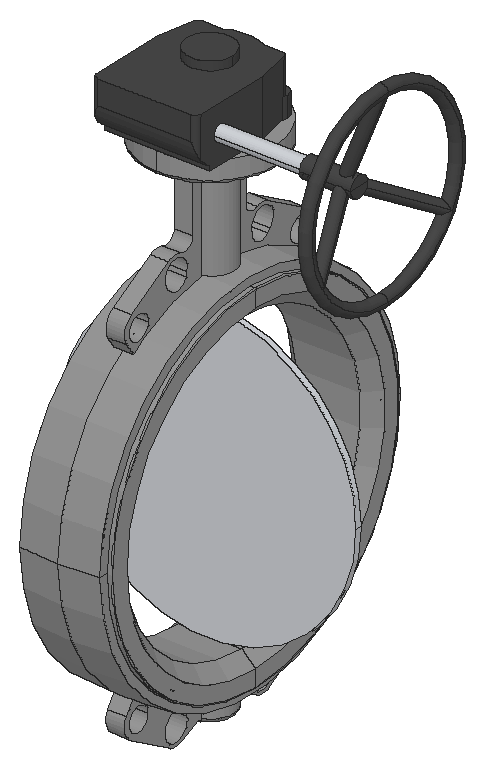
Revit family "Absperr- und Regulierklappe mit Getriebe ZF-4219", category Rohrzubehör, Revit 2018 (continued)
Automatic sketch dimensions
  Extrusion 8 sketch curve to Extrusion 8 sketch curve = 18.283 mm
  Extrusion 8 sketch curve to Extrusion 8 sketch curve = 1.34 mm  (x2)
  Extrusion 8 sketch curve to Extrusion 8 sketch curve = 29.859 mm
  Extrusion 8 sketch curve to Extrusion 8 sketch curve = 11.576 mm
  Extrusion 8 sketch curve to Extrusion 8 sketch curve = 0.007 mm  (x2)
  Extrusion 8 sketch curve to Extrusion 8 sketch curve = 11.662 mm  (x2)
  Extrusion 8 sketch curve to Extrusion 8 sketch curve = 7.405 mm
  Extrusion 8 sketch curve to Extrusion 8 sketch curve = 9.76 mm  (x2)
  Extrusion 8 sketch curve to Extrusion 8 sketch curve = 46.144 mm
  Extrusion 8 sketch curve to Extrusion 8 sketch curve = 0.006 mm
  Extrusion 8 sketch curve to Extrusion 8 sketch curve = 0.159 mm  (x2)
  Extrusion 8 sketch curve to Extrusion 8 sketch curve = 0.225 mm  (x2)
  Extrusion 8 sketch curve to Extrusion 8 sketch curve = 3.156 mm
  Extrusion 7 sketch curve to Extrusion 7 sketch curve = 0 mm  (x29)
  Extrusion 7 sketch curve to level = 0 mm
  Extrusion 7 sketch curve to plane 1 "Mitte (Vorne/hinten)" = 0 mm
  Extrusion 7 sketch curve to Extrusion 7 sketch curve = 4.987 mm  (x2)
  plane 1 "Mitte (Vorne/hinten)" to Extrusion 7 sketch curve = 42.642 mm
  Extrusion 7 sketch curve to Extrusion 7 sketch curve = 3.28 mm  (x2)
  Extrusion 7 sketch curve to Extrusion 7 sketch curve = 14.935 mm  (x2)
  Extrusion 7 sketch curve to Extrusion 7 sketch curve = 11.589 mm  (x2)
  Extrusion 7 sketch curve to Extrusion 7 sketch curve = 14.868 mm  (x2)
  Extrusion 7 sketch curve to Extrusion 7 sketch curve = 33.628 mm  (x4)
  Extrusion 7 sketch curve to Extrusion 7 sketch curve = 3.946 mm  (x4)
  Extrusion 7 sketch curve to Extrusion 7 sketch curve = 12.021 mm  (x8)
  Extrusion 7 sketch curve to Extrusion 7 sketch curve = 8.075 mm  (x8)
  plane 1 "Mitte (Vorne/hinten)" to Extrusion 7 sketch curve = 21.03 mm
  Extrusion 7 sketch curve to Extrusion 7 sketch curve = 5.5 mm
  Extrusion 7 sketch curve to Extrusion 7 sketch curve = 0.54 mm  (x2)
  Extrusion 7 sketch curve to Extrusion 7 sketch curve = 0.103 mm
  Extrusion 7 sketch curve to Extrusion 7 sketch curve = 1.99 mm  (x2)
  plane 1 "Mitte (Vorne/hinten)" to Extrusion 7 sketch curve = 18.5 mm
  Extrusion 7 sketch curve to plane 1 "Mitte (Vorne/hinten)" = 18.5 mm  (x2)
  Extrusion 7 sketch curve to Extrusion 7 sketch curve = 1.897 mm
  Extrusion 7 sketch curve to Extrusion 7 sketch curve = 2 mm
  Extrusion 7 sketch curve to Extrusion 7 sketch curve = 21.612 mm
  Extrusion 7 sketch curve to level = 59.454 mm  (x2)
  Extrusion 7 sketch curve to Extrusion 7 sketch curve = 10.049 mm  (x4)
  Extrusion 7 sketch curve to Extrusion 7 sketch curve = 20.666 mm  (x2)
  Extrusion 7 sketch curve to Extrusion 7 sketch curve = 1.725 mm  (x2)
  Extrusion 7 sketch curve to Extrusion 7 sketch curve = 12.438 mm  (x4)
  level to Extrusion 7 sketch curve = 59.454 mm  (x2)
  Extrusion 7 sketch curve to Extrusion 7 sketch curve = 15.768 mm  (x2)
  Extrusion 7 sketch curve to Extrusion 7 sketch curve = 0.361 mm  (x2)
  Extrusion 7 sketch curve to Extrusion 7 sketch curve = 69.242 mm
  Extrusion 7 sketch curve to Extrusion 7 sketch curve = 0.014 mm
  Extrusion 7 sketch curve to Extrusion 7 sketch curve = 0.29 mm  (x2)
  Extrusion 6 sketch curve to Extrusion 6 sketch curve = 0 mm  (x31)
  Extrusion 6 sketch curve to level = 0 mm
  Extrusion 6 sketch curve to plane 1 "Mitte (Vorne/hinten)" = 0 mm
  plane 1 "Mitte (Vorne/hinten)" to Extrusion 6 sketch curve = 18.5 mm  (x2)
  Extrusion 6 sketch curve to Extrusion 6 sketch curve = 1.897 mm  (x2)
  Extrusion 6 sketch curve to Extrusion 6 sketch curve = 2 mm
  Extrusion 6 sketch curve to Extrusion 6 sketch curve = 4.154 mm  (x2)
  Extrusion 6 sketch curve to Extrusion 6 sketch curve = 5.603 mm
  Extrusion 6 sketch curve to Extrusion 6 sketch curve = 12 mm  (x2)
  Extrusion 6 sketch curve to Extrusion 6 sketch curve = 21.682 mm  (x2)
  Extrusion 6 sketch curve to Extrusion 6 sketch curve = 2.182 mm  (x2)
  Extrusion 6 sketch curve to Extrusion 6 sketch curve = 11.109 mm  (x4)
  Extrusion 6 sketch curve to Extrusion 6 sketch curve = 30.529 mm  (x4)
  Extrusion 6 sketch curve to Extrusion 6 sketch curve = 4.781 mm  (x4)
  Extrusion 6 sketch curve to Extrusion 6 sketch curve = 1.414 mm  (x8)
  Extrusion 6 sketch curve to Extrusion 6 sketch curve = 7.24 mm  (x8)
  Extrusion 6 sketch curve to Extrusion 6 sketch curve = 12.021 mm  (x8)
  Extrusion 6 sketch curve to plane 1 "Mitte (Vorne/hinten)" = 18.5 mm
  Extrusion 6 sketch curve to Extrusion 6 sketch curve = 7.5 mm
  Extrusion 6 sketch curve to Extrusion 6 sketch curve = 0.103 mm
  Extrusion 6 sketch curve to level = 50.036 mm  (x2)
  Extrusion 6 sketch curve to Extrusion 6 sketch curve = 17.112 mm  (x2)
  Extrusion 6 sketch curve to Extrusion 6 sketch curve = 9.185 mm  (x4)
  Extrusion 6 sketch curve to Extrusion 6 sketch curve = 20.608 mm  (x2)
  Extrusion 6 sketch curve to Extrusion 6 sketch curve = 12.868 mm  (x3)
  Extrusion 6 sketch curve to Extrusion 6 sketch curve = 9.096 mm  (x2)
  level to Extrusion 6 sketch curve = 50.036 mm  (x2)
  Extrusion 6 sketch curve to Extrusion 6 sketch curve = 17 mm
  Extrusion 6 sketch curve to Extrusion 6 sketch curve = 56.845 mm
  Extrusion 6 sketch curve to Extrusion 6 sketch curve = 0.017 mm
  Extrusion 6 sketch curve to Extrusion 6 sketch curve = 0.29 mm  (x2)
  Extrusion 5 sketch curve to Extrusion 5 sketch curve = 0 mm  (x25)
  Extrusion 5 sketch curve to level = 0 mm
  Extrusion 5 sketch curve to plane 1 "Mitte (Vorne/hinten)" = 0 mm
  plane 1 "Mitte (Vorne/hinten)" to Extrusion 5 sketch curve = 18.5 mm  (x2)
  Extrusion 5 sketch curve to Extrusion 5 sketch curve = 0.579 mm  (x2)
  Extrusion 5 sketch curve to Extrusion 5 sketch curve = 1.897 mm  (x2)
  Extrusion 5 sketch curve to Extrusion 5 sketch curve = 0.103 mm
  Extrusion 5 sketch curve to Extrusion 5 sketch curve = 5.603 mm
  Extrusion 5 sketch curve to Extrusion 5 sketch curve = 15.942 mm  (x4)
  Extrusion 5 sketch curve to Extrusion 5 sketch curve = 13 mm  (x2)
  Extrusion 5 sketch curve to Extrusion 5 sketch curve = 11.367 mm  (x4)
  Extrusion 5 sketch curve to Extrusion 5 sketch curve = 25.663 mm  (x4)
  Extrusion 5 sketch curve to Extrusion 5 sketch curve = 4.027 mm  (x4)
  Extrusion 5 sketch curve to Extrusion 5 sketch curve = 12.021 mm  (x5)
  Extrusion 5 sketch curve to Extrusion 5 sketch curve = 9.55 mm  (x4)
  Extrusion 5 sketch curve to Extrusion 5 sketch curve = 7.5 mm
  Extrusion 5 sketch curve to plane 1 "Mitte (Vorne/hinten)" = 18.5 mm  (x2)
  Extrusion 5 sketch curve to Extrusion 5 sketch curve = 2 mm
  Extrusion 5 sketch curve to level = 38.887 mm  (x2)
  Extrusion 5 sketch curve to Extrusion 5 sketch curve = 10.986 mm  (x3)
  Extrusion 5 sketch curve to Extrusion 5 sketch curve = 10.231 mm  (x3)
  Extrusion 5 sketch curve to Extrusion 5 sketch curve = 10.467 mm  (x4)
  Extrusion 5 sketch curve to Extrusion 5 sketch curve = 12.18 mm  (x2)
  Extrusion 5 sketch curve to Extrusion 5 sketch curve = 12.641 mm  (x4)
  Extrusion 5 sketch curve to Extrusion 5 sketch curve = 9.983 mm  (x2)
  level to Extrusion 5 sketch curve = 38.887 mm  (x2)
  Extrusion 5 sketch curve to Extrusion 5 sketch curve = 21.217 mm
  Extrusion 5 sketch curve to Extrusion 5 sketch curve = 16.969 mm  (x2)
  Extrusion 5 sketch curve to Extrusion 5 sketch curve = 51.117 mm
  Extrusion 5 sketch curve to Extrusion 5 sketch curve = 0.01 mm
  Extrusion 5 sketch curve to Extrusion 5 sketch curve = 0.29 mm  (x2)
  level to Extrusion 5 sketch curve = 49.873 mm
  Extrusion 4 sketch curve to Extrusion 4 sketch curve = 0 mm  (x28)
  Extrusion 4 sketch curve to level = 0 mm
  Extrusion 4 sketch curve to plane 1 "Mitte (Vorne/hinten)" = 0 mm
  plane 1 "Mitte (Vorne/hinten)" to Extrusion 4 sketch curve = 18.5 mm  (x2)
  Extrusion 4 sketch curve to Extrusion 4 sketch curve = 1.897 mm  (x2)
  Extrusion 4 sketch curve to Extrusion 4 sketch curve = 0.103 mm  (x2)
  Extrusion 4 sketch curve to Extrusion 4 sketch curve = 5.603 mm  (x2)
  Extrusion 4 sketch curve to Extrusion 4 sketch curve = 12.115 mm  (x4)
  Extrusion 4 sketch curve to Extrusion 4 sketch curve = 9 mm  (x2)
  Extrusion 4 sketch curve to Extrusion 4 sketch curve = 11.39 mm  (x2)
  Extrusion 4 sketch curve to Extrusion 4 sketch curve = 7.005 mm  (x2)
  Extrusion 4 sketch curve to Extrusion 4 sketch curve = 22.772 mm  (x4)
  Extrusion 4 sketch curve to Extrusion 4 sketch curve = 4.597 mm  (x4)
  Extrusion 4 sketch curve to Extrusion 4 sketch curve = 1.485 mm  (x4)
  Extrusion 4 sketch curve to Extrusion 4 sketch curve = 12.021 mm  (x4)
  Extrusion 4 sketch curve to Extrusion 4 sketch curve = 9.247 mm  (x4)
  Extrusion 4 sketch curve to plane 1 "Mitte (Vorne/hinten)" = 18.5 mm  (x2)
  Extrusion 4 sketch curve to level = 31.935 mm  (x2)
  Extrusion 4 sketch curve to Extrusion 4 sketch curve = 1.34 mm  (x4)
  Extrusion 4 sketch curve to Extrusion 4 sketch curve = 10.245 mm  (x4)
  Extrusion 4 sketch curve to Extrusion 4 sketch curve = 9.866 mm  (x4)
  Extrusion 4 sketch curve to Extrusion 4 sketch curve = 9.447 mm  (x4)
  Extrusion 4 sketch curve to Extrusion 4 sketch curve = 11.077 mm  (x4)
  Extrusion 4 sketch curve to Extrusion 4 sketch curve = 11.926 mm  (x2)
  level to Extrusion 4 sketch curve = 31.935 mm  (x2)
  Extrusion 4 sketch curve to Extrusion 4 sketch curve = 12.62 mm  (x2)
  Extrusion 4 sketch curve to Extrusion 4 sketch curve = 12.99 mm  (x2)
  Extrusion 4 sketch curve to Extrusion 4 sketch curve = 41.354 mm
  Extrusion 4 sketch curve to Extrusion 4 sketch curve = 0.018 mm
  Extrusion 4 sketch curve to Extrusion 4 sketch curve = 0.29 mm  (x2)
  Extrusion 3 sketch curve to Extrusion 3 sketch curve = 0 mm  (x23)
  Extrusion 3 sketch curve to level = 0 mm
  Extrusion 3 sketch curve to plane 1 "Mitte (Vorne/hinten)" = 0 mm
  plane 1 "Mitte (Vorne/hinten)" to Extrusion 3 sketch curve = 18 mm
  Extrusion 3 sketch curve to Extrusion 3 sketch curve = 1.897 mm  (x2)
  Extrusion 3 sketch curve to Extrusion 3 sketch curve = 0.103 mm  (x2)
  plane 1 "Mitte (Vorne/hinten)" to Extrusion 3 sketch curve = 22.391 mm
  Extrusion 3 sketch curve to Extrusion 3 sketch curve = 1.414 mm  (x14)
  Extrusion 3 sketch curve to Extrusion 3 sketch curve = 6.103 mm  (x2)
  Extrusion 3 sketch curve to Extrusion 3 sketch curve = 2 mm  (x2)
  Extrusion 3 sketch curve to Extrusion 3 sketch curve = 7.709 mm  (x4)
  Extrusion 3 sketch curve to Extrusion 3 sketch curve = 13.318 mm  (x5)
  Extrusion 3 sketch curve to Extrusion 3 sketch curve = 15.842 mm  (x5)
  Extrusion 3 sketch curve to Extrusion 3 sketch curve = 10.233 mm
  Extrusion 3 sketch curve to Extrusion 3 sketch curve = 3.184 mm  (x7)
  Extrusion 3 sketch curve to Extrusion 3 sketch curve = 6.315 mm  (x8)
  Extrusion 3 sketch curve to Extrusion 3 sketch curve = 3.021 mm  (x4)
  Extrusion 3 sketch curve to Extrusion 3 sketch curve = 5.303 mm  (x8)
  Extrusion 3 sketch curve to level = 23.805 mm  (x2)
  Extrusion 3 sketch curve to Extrusion 3 sketch curve = 3.106 mm  (x6)
  level to Extrusion 3 sketch curve = 23.805 mm  (x2)
  Extrusion 3 sketch curve to Extrusion 3 sketch curve = 6.654 mm  (x4)
  Extrusion 3 sketch curve to Extrusion 3 sketch curve = 9.77 mm  (x4)
  Extrusion 3 sketch curve to plane 1 "Mitte (Vorne/hinten)" = 18 mm
  Extrusion 3 sketch curve to plane 1 "Mitte (Vorne/hinten)" = 22.391 mm
  Extrusion 3 sketch curve to Extrusion 3 sketch curve = 5.708 mm  (x2)
  Extrusion 3 sketch curve to Extrusion 3 sketch curve = 3.131 mm
  level to Extrusion 3 sketch curve = 42.831 mm
  Extrusion 3 sketch curve to Extrusion 3 sketch curve = 4.045 mm
  Extrusion 3 sketch curve to Extrusion 3 sketch curve = 12.379 mm
  Extrusion 3 sketch curve to Extrusion 3 sketch curve = 68.43 mm
  Extrusion 3 sketch curve to Extrusion 3 sketch curve = 0.003 mm
  Extrusion 3 sketch curve to Extrusion 3 sketch curve = 0.316 mm  (x2)
  curve 12 to level = 0 mm
  curve 12 to plane 3 "Mitte (Links/rechts)" = 0 mm
  plane 1 "Mitte (Vorne/hinten)" to curve 6 = 0 mm
  curve 6 to plane 3 "Mitte (Links/rechts)" = 0 mm
  Revolve 1 sketch curve to plane 1 "Mitte (Vorne/hinten)" = 0 mm
  Revolve 1 sketch curve to Revolve 1 sketch curve = 0.987 mm
  Revolve 1 sketch curve to Revolve 1 sketch curve = 1.5 mm  (x4)
  Revolve 1 sketch curve to Revolve 1 sketch curve = 0.513 mm
  Revolve 1 sketch curve to Revolve 1 sketch curve = 0.915 mm  (x2)
  Revolve 1 sketch curve to Revolve 1 sketch curve = 1978.5 mm  (x2)
  Revolve 11 sketch curve to plane 1 "Mitte (Vorne/hinten)" = 0 mm  (x2)
  Revolve 11 sketch curve to Revolve 11 sketch curve = 3 mm
  Revolve 11 sketch curve to Revolve 11 sketch curve = 459.992 mm
  level to Revolve 11 sketch curve = 2741.474 mm
  Revolve 12 sketch curve to plane 1 "Mitte (Vorne/hinten)" = 0 mm  (x3)
  Revolve 12 sketch curve to Revolve 12 sketch curve = 1.895 mm
  Revolve 12 sketch curve to Revolve 12 sketch curve = 2 mm  (x2)
  Revolve 12 sketch curve to Revolve 12 sketch curve = 0.105 mm
  Revolve 12 sketch curve to level = 520.992 mm
  Revolve 12 sketch curve to Revolve 12 sketch curve = 2616.474 mm
  Revolve 13 sketch curve to level = 0 mm
  Revolve 13 sketch curve to Revolve 13 sketch curve = 1.492 mm
  Revolve 13 sketch curve to Revolve 13 sketch curve = 0.18 mm  (x2)
  Revolve 13 sketch curve to Revolve 13 sketch curve = 5.027 mm
  Revolve 13 sketch curve to Revolve 13 sketch curve = 1 mm
  Revolve 13 sketch curve to Revolve 13 sketch curve = 0.999 mm  (x2)
  Revolve 13 sketch curve to Revolve 13 sketch curve = 0.27 mm
  Revolve 13 sketch curve to Revolve 13 sketch curve = 0.957 mm
  Revolve 13 sketch curve to Revolve 13 sketch curve = 1328.99 mm
  Revolve 13 sketch curve to Revolve 13 sketch curve = 1875.983 mm
  Extrusion 14 sketch curve to level = 0 mm
  Extrusion 14 sketch curve to plane 3 "Mitte (Links/rechts)" = 0 mm
  radius of Extrusion 10 sketch curve = 12 mm  (x4)
  radius of Extrusion 9 sketch curve = 9.5 mm  (x4)
  radius of Extrusion 9 sketch curve = 14 mm  (x4)
  radius of Extrusion 7 sketch curve = 11.5 mm  (x4)
  radius of Extrusion 7 sketch curve = 9.5 mm  (x4)
  radius of Extrusion 6 sketch curve = 9.5 mm  (x8)
  radius of Extrusion 5 sketch curve = 9.5 mm  (x8)
  radius of Extrusion 4 sketch curve = 9.5 mm  (x8)
  radius of curve 12 = 7 mm
  radius of curve 6 = 5 mm
Nested families
  nested 1: "Herz-Logo-vorne" at (-23, 0, 197.5), type "Herz-Logo-vorne"
  nested 2: "Getriebe für Klappe DN50-DN200" at (0, 0, 125), visible <- "DN 50", type "Getriebe für Klappe DN50-DN200"
  nested 3: "Getriebe für Klappe DN50-DN200" at (0, 0, 149.5), visible <- "DN 65", type "Getriebe für Klappe DN50-DN200"
  nested 4: "Getriebe für Klappe DN50-DN200" at (0, 0, 156.5), visible <- "DN 80", type "Getriebe für Klappe DN50-DN200"
  nested 5: "Getriebe für Klappe DN50-DN200" at (0, 0, 182), visible <- "DN100", type "Getriebe für Klappe DN50-DN200"
  nested 6: "Getriebe für Klappe DN50-DN200" at (0, 0, 201), visible <- "DN125", type "Getriebe für Klappe DN50-DN200"
  nested 7: "Getriebe für Klappe DN50-DN200" at (0, 0, 214), visible <- "DN150", type "Getriebe für Klappe DN50-DN200"
  nested 8: "Getriebe für Klappe DN50-DN200" at (0, 0, 245), visible <- "DN200", type "Getriebe für Klappe DN50-DN200"
  nested 9: "Getriebe für Klappe DN250-DN300" at (0, 0, 283), visible <- "DN250", type "Getriebe für Klappe DN250-DN300"
  nested 10: "Getriebe für Klappe DN250-DN300" at (0, 0, 308), visible <- "DN300", type "Getriebe für Klappe DN250-DN300"
Connectors
  piping at (44.7, 0, 0), diameter 300, driven by "Nennweite"
    settings: on Revolve 13, index 1, connector inside diameter 609.6 mm, connector length 0 mm, flow factor 0, pipe flow 0.0 L/s, pressure drop 0.0 Pa, fitting loss kfactor 0, connector angle 0.00°, fixture units 0, engagement length 0 mm, angle of deflection 0.00°, flow configuration 0, flow direction 0, fitting loss method 0, system type 29, joint type 0, gender type 0, connector reference index -1, connector utility 0, adjustable connector no, is connector primary yes, connector description ""
  piping at (-44.7, 0, 0), diameter 300, driven by "Nennweite"
    settings: on Revolve 13, index 2, connector inside diameter 609.6 mm, connector length 0 mm, flow factor 0, pipe flow 0.0 L/s, pressure drop 0.0 Pa, fitting loss kfactor 0, connector angle 0.00°, fixture units 0, engagement length 0 mm, angle of deflection 0.00°, flow configuration 0, flow direction 0, fitting loss method 0, system type 29, joint type 0, gender type 0, connector reference index -1, connector utility 0, adjustable connector no, is connector primary no, connector description ""
Definition of nested family "Herz-Logo-vorne"
  Reference planes
    plane 1 "Mitte (Vorne/hinten)": y = 0
    plane 2: z = 0
    plane 3 "Mitte (Links/rechts)": x = 0
  Forms (mm)
    Extrusion 1, solid
      sketch origin (0.732, -0.018, 0.017) x (0, -1, 0) y (0, 0, 1)
        loop
          line (-0.018, -4.517) -> (4.482, -4.517) -> (4.482, 4.483) -> (-4.518, 4.483) -> (-4.518, -4.517) -> (-0.018, -4.517)
        loop
          line (-0.05, -3.48) -> (3.482, -3.48) -> (3.482, 3.483) -> (-3.518, 3.483) -> (-3.518, -3.48) -> (-0.05, -3.48)
        loop
          arc (-0.018, 2.383) -> (-1.543, 3.287) -> (-3.067, 2.383) r 1.738
          arc (-3.067, 2.383) -> (-3.191, 1.899) -> (-3.067, 1.415) r 1.009
          line (-3.067, 1.415) -> (-0.018, -3.281) -> (3.032, 1.415)
          arc (3.032, 1.415) -> (3.156, 1.899) -> (3.032, 2.383) r 1.009
          arc (3.032, 2.383) -> (1.507, 3.287) -> (-0.018, 2.383) r 1.738
        loop
          arc (1.885, 1.272) -> (2.005, 1.675) -> (1.885, 2.079) r 0.74
          arc (1.885, 2.079) -> (1.265, 2.416) -> (0.644, 2.079) r 0.74
          line (0.644, 2.079) -> (-0.018, 0.97) -> (-0.679, 2.079)
          arc (-0.679, 2.079) -> (-1.3, 2.416) -> (-1.921, 2.079) r 0.74
          arc (-1.921, 2.079) -> (-2.04, 1.675) -> (-1.921, 1.272) r 0.74
          line (-1.921, 1.272) -> (-0.018, -1.658) -> (1.885, 1.272)
      from 0 to 1.5
  Dimensions and locks
    aligned and locked: level to plane 2
Definition of nested family "Getriebe für Klappe DN50-DN200"
  Parameters (values of type "Getriebe für Klappe DN50-DN200")
    W01 = 11.19°  # constant formula
    URL = "www.herz-armaturen.at"
    R07 = 92 mm  # constant formula
    R06 = 6 mm  # constant formula
    R05 = 10 mm  # constant formula
    R04 = 7.5 mm  # constant formula
    R03 = 10.5 mm  # constant formula
    R02 = 5.4 mm  # constant formula
    R01 = 44.9 mm  # constant formula
    M01 = 37 mm  # constant formula
    L03 = 52 mm  # constant formula
    L02 = 39.6 mm  # constant formula
    L01 = 80 mm  # constant formula
    Manufacturer = "Herz-Armaturen GmbH"  # constant formula
    H03 = 28.6 mm  # constant formula
    H02 = 20 mm  # constant formula
    H01 = 54 mm  # constant formula
    B05 = 209 mm  # constant formula
    B04 = 22 mm  # constant formula
    B03 = 50 mm  # constant formula
    B02 = 159 mm  # constant formula
    B01 = 51 mm  # constant formula
    A01 = 28.6 mm  # constant formula
  Reference planes
    plane 1 "Mitte (Vorne/hinten)": y = 0
    plane 2: z = 0
    plane 3 "Mitte (Links/rechts)": x = 0
  Forms (mm)
    Extrusion 1, solid, detail levels fine
      sketch origin (0, 0, 0) x (1, 0, 0) y (0, 1, 0)
        loop
          line (51, 0) -> (43.999, 35.392)
          arc (43.999, 35.392) -> (42.103, 38.419) -> (38.732, 39.6) r 5.4
          line (38.732, 39.6) -> (20.252, 39.6)
          arc (20.252, 39.6) -> (0, 44.427) -> (-20.252, 39.6) r 44.9
          line (-20.252, 39.6) -> (-38.732, 39.6)
          arc (-38.732, 39.6) -> (-42.103, 38.419) -> (-43.999, 35.392) r 5.4
          line (-43.999, 35.392) -> (-51, 0) -> (-51, -74.6)
          arc (-51, -74.6) -> (-49.418, -78.418) -> (-45.6, -80) r 5.4
          line (-45.6, -80) -> (45.6, -80)
          arc (45.6, -80) -> (49.418, -78.418) -> (51, -74.6) r 5.4
          line (51, -74.6) -> (51, 0)
      from 0 to 54
    Extrusion 2, solid, detail levels fine
      sketch origin (0, 0, 0) x (1, 0, 0) y (0, 1, 0)
        loop
          circle (-35.7, 37) r 10.5
        loop
          circle (35.7, 37) r 10.5
      from 0 to 20
    Extrusion 3, void
      sketch origin (0, 0, 0) x (0, 1, 0) y (0, 0, 1)
        loop
          line (-80, 0) -> (-64.573, 0) -> (-64.573, 4.9)
          arc (-64.573, 4.9) -> (-75.841, 15.433) -> (-80, 30.286) r 28.6
          line (-80, 30.286) -> (-80, 0)
      from -51 to 51
    Revolve 4, solid, detail levels fine
      sketch origin (0, 0, 28.6) x (1, 0, 0) y (0, 1, 0)
        loop
          line (0, -52) -> (0, -59.5) -> (159, -59.5) -> (159, -52) -> (0, -52)
        axis (0, -52) -> (159, -52)
      angle from 0 to 360
    Extrusion 5, solid, detail levels fine
      sketch origin (0, 0, 0) x (1, 0, 0) y (0, 1, 0)
        loop
          circle (0, 0) r 22.3
      from 54 to 63
    Revolve 6, solid, detail levels fine
      sketch origin (0, -52, 28.6) x (1, 0, 0) y (0, 0, 1)
        loop
          circle (209, 92) r 6
        axis (203, 0) -> (215, 0)
      angle from 0 to 360
    Revolve 7, solid, detail levels fine
      sketch origin (0, -52, 0) x (1, 0, 0) y (0, 0, 1)
        loop
          line (209, 120.6) -> (172, 28.6) -> (177.567, 26.361) -> (214.567, 118.361) -> (209, 120.6)
        axis (172, 28.6) -> (209, 120.6)
      angle from 0 to 360
    Revolve 8, solid, detail levels fine
      sketch origin (0, 0, 28.6) x (1, 0, 0) y (0, 1, 0)
        loop
          line (137, -59.5) -> (137, -62) -> (187, -62) -> (187, -52) -> (159, -52) -> (159, -59.5) -> (137, -59.5)
        axis (137, -52) -> (187, -52)
      angle from 0 to 360
    Revolve 9, solid, detail levels fine
      sketch origin (0, -27.232, 42.9) x (1, 0, 0) y (0, -0.866025, -0.5)
        loop
          line (209, 120.6) -> (172, 28.6) -> (177.567, 26.361) -> (214.567, 118.361) -> (209, 120.6)
        axis (172, 28.6) -> (209, 120.6)
      angle from 0 to 360
    Revolve 10, solid, detail levels fine
      sketch origin (0, -76.768, 42.9) x (1, 0, 0) y (0, 0.866025, -0.5)
        loop
          line (209, 120.6) -> (172, 28.6) -> (177.567, 26.361) -> (214.567, 118.361) -> (209, 120.6)
        axis (172, 28.6) -> (209, 120.6)
      angle from 0 to 360
  Cuts and joins
    Extrusion 3 cuts Extrusion 1
  Dimensions and locks
    "B01": Extrusion 1 sketch curve to plane 3 "Mitte (Links/rechts)"
    "B01": plane 3 "Mitte (Links/rechts)" to Extrusion 1 sketch curve
    "L02": plane 1 "Mitte (Vorne/hinten)" to Extrusion 1 sketch curve  (x2)
    "L01": Extrusion 1 sketch curve to plane 1 "Mitte (Vorne/hinten)"
    "M01": plane 1 "Mitte (Vorne/hinten)" to Extrusion 2 sketch curve  (x2)
    "H01": Extrusion 1 to plane 2
    "H02": Extrusion 2 to plane 2
    "L03": Revolve 4 sketch curve to plane 1 "Mitte (Vorne/hinten)"
    "R04": Revolve 4 sketch curve to Revolve 4 sketch curve
    "B02": Revolve 4 sketch curve to Revolve 4 sketch curve
    "H03": Revolve 8 to plane 2
    "H03": Revolve 4 to plane 2
    "L03": Revolve 8 sketch curve to plane 1 "Mitte (Vorne/hinten)"
    "B02": plane 3 "Mitte (Links/rechts)" to Revolve 8 sketch curve
    "R05": Revolve 8 sketch curve to Revolve 8 sketch curve
    "B03": Revolve 8 sketch curve to Revolve 8 sketch curve
    "B04": Revolve 8 sketch curve to Revolve 8 sketch curve
    "R04": Revolve 8 sketch curve to Revolve 8 sketch curve
    "B05": Revolve 6 sketch curve to plane 3 "Mitte (Links/rechts)"
    "R07": Revolve 6 sketch curve to Revolve 6 sketch curve
    "A01": plane 2 to Revolve 6 sketch curve
    "R02": radius of Extrusion 1 sketch curve  (x4)
    "R01": radius of Extrusion 1 sketch curve
    "R03": radius of Extrusion 2 sketch curve  (x2)
    "R06": radius of Revolve 6 sketch curve
    "W01": angle Extrusion 1 sketch curve to Extrusion 1 sketch curve  (x2)
    aligned and locked: level to plane 2
  Automatic sketch dimensions
    Extrusion 3 sketch curve to level = 0 mm
    plane 1 "Mitte (Vorne/hinten)" to Extrusion 3 sketch curve = 80 mm
    Extrusion 3 sketch curve to Extrusion 3 sketch curve = 15.427 mm
    Extrusion 3 sketch curve to Extrusion 3 sketch curve = 13.173 mm
    level to Extrusion 3 sketch curve = 4.9 mm
    plane 1 "Mitte (Vorne/hinten)" to Extrusion 5 sketch curve = 0 mm
    Extrusion 5 sketch curve to plane 3 "Mitte (Links/rechts)" = 0 mm
    level to Revolve 7 sketch curve = 28.6 mm  (x2)
    plane 3 "Mitte (Links/rechts)" to Revolve 7 sketch curve = 172 mm
    level to Revolve 7 sketch curve = 26.361 mm
    Revolve 7 sketch curve to Revolve 7 sketch curve = 5.567 mm
    level to Revolve 7 sketch curve = 120.6 mm
    Revolve 7 sketch curve to Revolve 7 sketch curve = 0 mm  (x3)
    plane 3 "Mitte (Links/rechts)" to Revolve 10 sketch curve = 172 mm
    Revolve 10 sketch curve to Revolve 10 sketch curve = 5.567 mm
    Revolve 10 sketch curve to Revolve 10 sketch curve = 37 mm
    Revolve 10 sketch curve to Revolve 10 sketch curve = 2.239 mm
    Revolve 10 sketch curve to Revolve 10 sketch curve = 0 mm  (x4)
    plane 3 "Mitte (Links/rechts)" to Revolve 9 sketch curve = 172 mm
    Revolve 9 sketch curve to Revolve 9 sketch curve = 5.567 mm
    Revolve 9 sketch curve to Revolve 9 sketch curve = 37 mm
    Revolve 9 sketch curve to Revolve 9 sketch curve = 2.239 mm
    Revolve 9 sketch curve to Revolve 9 sketch curve = 0 mm  (x4)
    Extrusion 1 sketch curve to plane 3 "Mitte (Links/rechts)" = 0 mm
    plane 1 "Mitte (Vorne/hinten)" to Extrusion 1 sketch curve = 0 mm  (x2)
    Extrusion 1 sketch curve to plane 1 "Mitte (Vorne/hinten)" = 35.392 mm
    Extrusion 1 sketch curve to Extrusion 1 sketch curve = 18.48 mm  (x2)
    Extrusion 2 sketch curve to plane 3 "Mitte (Links/rechts)" = 35.7 mm
    plane 3 "Mitte (Links/rechts)" to Extrusion 2 sketch curve = 35.7 mm
    Revolve 4 sketch curve to plane 3 "Mitte (Links/rechts)" = 0 mm  (x2)
    Revolve 4 sketch curve to Revolve 4 sketch curve = 0 mm  (x2)
    Revolve 6 sketch curve to plane 3 "Mitte (Links/rechts)" = 1506.53 mm
    Revolve 6 sketch curve to Revolve 6 sketch curve = 1630.148 mm
    Revolve 8 sketch curve to Revolve 8 sketch curve = 7.5 mm
    Revolve 8 sketch curve to Revolve 8 sketch curve = 0 mm  (x2)
    radius of Extrusion 5 sketch curve = 22.3 mm
Definition of nested family "Getriebe für Klappe DN250-DN300"
  Parameters (values of type "Getriebe für Klappe DN250-DN300")
    W01 = 11.19°  # constant formula
    URL = "www.herz-armaturen.at"
    R07 = 92 mm  # constant formula
    R06 = 6 mm  # constant formula
    R05 = 10 mm  # constant formula
    R04 = 7.5 mm  # constant formula
    R03 = 10.5 mm  # constant formula
    R02 = 5.4 mm  # constant formula
    R01 = 44.9 mm  # constant formula
    M01 = 37 mm  # constant formula
    L03 = 52 mm  # constant formula
    L02 = 39.6 mm  # constant formula
    L01 = 80 mm  # constant formula
    Manufacturer = "Herz-Armaturen GmbH"  # constant formula
    H03 = 28.6 mm  # constant formula
    H02 = 20 mm  # constant formula
    H01 = 54 mm  # constant formula
    B05 = 209 mm  # constant formula
    B04 = 22 mm  # constant formula
    B03 = 50 mm  # constant formula
    B02 = 159 mm  # constant formula
    B01 = 51 mm  # constant formula
    A01 = 28.6 mm  # constant formula
  Reference planes
    plane 1 "Mitte (Vorne/hinten)": y = 0
    plane 2: z = 0
    plane 3 "Mitte (Links/rechts)": x = 0
  Forms (mm)
    Extrusion 1, solid, detail levels fine
      sketch origin (0, 0, 0) x (1, 0, 0) y (0, 1, 0)
        loop
          line (51, 0) -> (43.999, 35.392)
          arc (43.999, 35.392) -> (42.103, 38.419) -> (38.732, 39.6) r 5.4
          line (38.732, 39.6) -> (20.252, 39.6)
          arc (20.252, 39.6) -> (0, 44.427) -> (-20.252, 39.6) r 44.9
          line (-20.252, 39.6) -> (-38.732, 39.6)
          arc (-38.732, 39.6) -> (-42.103, 38.419) -> (-43.999, 35.392) r 5.4
          line (-43.999, 35.392) -> (-51, 0) -> (-51, -74.6)
          arc (-51, -74.6) -> (-49.418, -78.418) -> (-45.6, -80) r 5.4
          line (-45.6, -80) -> (45.6, -80)
          arc (45.6, -80) -> (49.418, -78.418) -> (51, -74.6) r 5.4
          line (51, -74.6) -> (51, 0)
      from 0 to 54
    Extrusion 2, solid, detail levels fine
      sketch origin (0, 0, 0) x (1, 0, 0) y (0, 1, 0)
        loop
          circle (-35.7, 37) r 10.5
        loop
          circle (35.7, 37) r 10.5
      from 0 to 20
    Extrusion 3, void
      sketch origin (0, 0, 0) x (0, 1, 0) y (0, 0, 1)
        loop
          line (-80, 0) -> (-64.573, 0) -> (-64.573, 4.9)
          arc (-64.573, 4.9) -> (-75.841, 15.433) -> (-80, 30.286) r 28.6
          line (-80, 30.286) -> (-80, 0)
      from -51 to 51
    Revolve 4, solid, detail levels fine
      sketch origin (0, 0, 28.6) x (1, 0, 0) y (0, 1, 0)
        loop
          line (0, -52) -> (0, -59.5) -> (159, -59.5) -> (159, -52) -> (0, -52)
        axis (0, -52) -> (159, -52)
      angle from 0 to 360
    Extrusion 5, solid, detail levels fine
      sketch origin (0, 0, 0) x (1, 0, 0) y (0, 1, 0)
        loop
          circle (0, 0) r 22.3
      from 54 to 62.5
    Revolve 6, solid, detail levels fine
      sketch origin (0, -52, 28.6) x (1, 0, 0) y (0, 0, 1)
        loop
          circle (209, 92) r 6
        axis (203, 0) -> (215, 0)
      angle from 0 to 360
    Revolve 7, solid, detail levels fine
      sketch origin (0, -52, 0) x (1, 0, 0) y (0, 0, 1)
        loop
          line (209, 120.6) -> (172, 28.6) -> (177.567, 26.361) -> (214.567, 118.361) -> (209, 120.6)
        axis (172, 28.6) -> (209, 120.6)
      angle from 0 to 360
    Revolve 8, solid, detail levels fine
      sketch origin (0, 0, 28.6) x (1, 0, 0) y (0, 1, 0)
        loop
          line (137, -59.5) -> (137, -62) -> (187, -62) -> (187, -52) -> (159, -52) -> (159, -59.5) -> (137, -59.5)
        axis (137, -52) -> (187, -52)
      angle from 0 to 360
    Revolve 9, solid, detail levels fine
      sketch origin (0, -27.232, 42.9) x (1, 0, 0) y (0, -0.866025, -0.5)
        loop
          line (209, 120.6) -> (172, 28.6) -> (177.567, 26.361) -> (214.567, 118.361) -> (209, 120.6)
        axis (172, 28.6) -> (209, 120.6)
      angle from 0 to 360
    Revolve 10, solid, detail levels fine
      sketch origin (0, -76.768, 42.9) x (1, 0, 0) y (0, 0.866025, -0.5)
        loop
          line (209, 120.6) -> (172, 28.6) -> (177.567, 26.361) -> (214.567, 118.361) -> (209, 120.6)
        axis (172, 28.6) -> (209, 120.6)
      angle from 0 to 360
  Cuts and joins
    Extrusion 3 cuts Extrusion 1
  Dimensions and locks
    "B01": Extrusion 1 sketch curve to plane 3 "Mitte (Links/rechts)"
    "B01": plane 3 "Mitte (Links/rechts)" to Extrusion 1 sketch curve
    "L02": plane 1 "Mitte (Vorne/hinten)" to Extrusion 1 sketch curve  (x2)
    "L01": Extrusion 1 sketch curve to plane 1 "Mitte (Vorne/hinten)"
    "M01": plane 1 "Mitte (Vorne/hinten)" to Extrusion 2 sketch curve  (x2)
    "H01": Extrusion 1 to plane 2
    "H02": Extrusion 2 to plane 2
    "L03": Revolve 4 sketch curve to plane 1 "Mitte (Vorne/hinten)"
    "R04": Revolve 4 sketch curve to Revolve 4 sketch curve
    "B02": Revolve 4 sketch curve to Revolve 4 sketch curve
    "H03": Revolve 8 to plane 2
    "H03": Revolve 4 to plane 2
    "L03": Revolve 8 sketch curve to plane 1 "Mitte (Vorne/hinten)"
    "B02": plane 3 "Mitte (Links/rechts)" to Revolve 8 sketch curve
    "R05": Revolve 8 sketch curve to Revolve 8 sketch curve
    "B03": Revolve 8 sketch curve to Revolve 8 sketch curve
    "B04": Revolve 8 sketch curve to Revolve 8 sketch curve
    "R04": Revolve 8 sketch curve to Revolve 8 sketch curve
    "B05": Revolve 6 sketch curve to plane 3 "Mitte (Links/rechts)"
    "R07": Revolve 6 sketch curve to Revolve 6 sketch curve
    "A01": plane 2 to Revolve 6 sketch curve
    "R02": radius of Extrusion 1 sketch curve  (x4)
    "R01": radius of Extrusion 1 sketch curve
    "R03": radius of Extrusion 2 sketch curve  (x2)
    "R06": radius of Revolve 6 sketch curve
    "W01": angle Extrusion 1 sketch curve to Extrusion 1 sketch curve  (x2)
    aligned and locked: level to plane 2
  Automatic sketch dimensions
    Extrusion 3 sketch curve to level = 0 mm
    plane 1 "Mitte (Vorne/hinten)" to Extrusion 3 sketch curve = 80 mm
    Extrusion 3 sketch curve to Extrusion 3 sketch curve = 15.427 mm
    Extrusion 3 sketch curve to Extrusion 3 sketch curve = 13.173 mm
    level to Extrusion 3 sketch curve = 4.9 mm
    plane 1 "Mitte (Vorne/hinten)" to Extrusion 5 sketch curve = 0 mm
    Extrusion 5 sketch curve to plane 3 "Mitte (Links/rechts)" = 0 mm
    level to Revolve 7 sketch curve = 28.6 mm  (x2)
    plane 3 "Mitte (Links/rechts)" to Revolve 7 sketch curve = 172 mm
    level to Revolve 7 sketch curve = 26.361 mm
    Revolve 7 sketch curve to Revolve 7 sketch curve = 5.567 mm
    level to Revolve 7 sketch curve = 120.6 mm
    Revolve 7 sketch curve to Revolve 7 sketch curve = 0 mm  (x3)
    plane 3 "Mitte (Links/rechts)" to Revolve 10 sketch curve = 172 mm
    Revolve 10 sketch curve to Revolve 10 sketch curve = 5.567 mm
    Revolve 10 sketch curve to Revolve 10 sketch curve = 37 mm
    Revolve 10 sketch curve to Revolve 10 sketch curve = 2.239 mm
    Revolve 10 sketch curve to Revolve 10 sketch curve = 0 mm  (x4)
    plane 3 "Mitte (Links/rechts)" to Revolve 9 sketch curve = 172 mm
    Revolve 9 sketch curve to Revolve 9 sketch curve = 5.567 mm
    Revolve 9 sketch curve to Revolve 9 sketch curve = 37 mm
    Revolve 9 sketch curve to Revolve 9 sketch curve = 2.239 mm
    Revolve 9 sketch curve to Revolve 9 sketch curve = 0 mm  (x4)
    Extrusion 1 sketch curve to plane 3 "Mitte (Links/rechts)" = 0 mm
    plane 1 "Mitte (Vorne/hinten)" to Extrusion 1 sketch curve = 0 mm  (x2)
    Extrusion 1 sketch curve to plane 1 "Mitte (Vorne/hinten)" = 35.392 mm
    Extrusion 1 sketch curve to Extrusion 1 sketch curve = 18.48 mm  (x2)
    Extrusion 2 sketch curve to plane 3 "Mitte (Links/rechts)" = 35.7 mm
    plane 3 "Mitte (Links/rechts)" to Extrusion 2 sketch curve = 35.7 mm
    Revolve 4 sketch curve to plane 3 "Mitte (Links/rechts)" = 0 mm  (x2)
    Revolve 4 sketch curve to Revolve 4 sketch curve = 0 mm  (x2)
    Revolve 6 sketch curve to plane 3 "Mitte (Links/rechts)" = 1506.53 mm
    Revolve 6 sketch curve to Revolve 6 sketch curve = 1630.148 mm
    Revolve 8 sketch curve to Revolve 8 sketch curve = 7.5 mm
    Revolve 8 sketch curve to Revolve 8 sketch curve = 0 mm  (x2)
    radius of Extrusion 5 sketch curve = 22.3 mm
